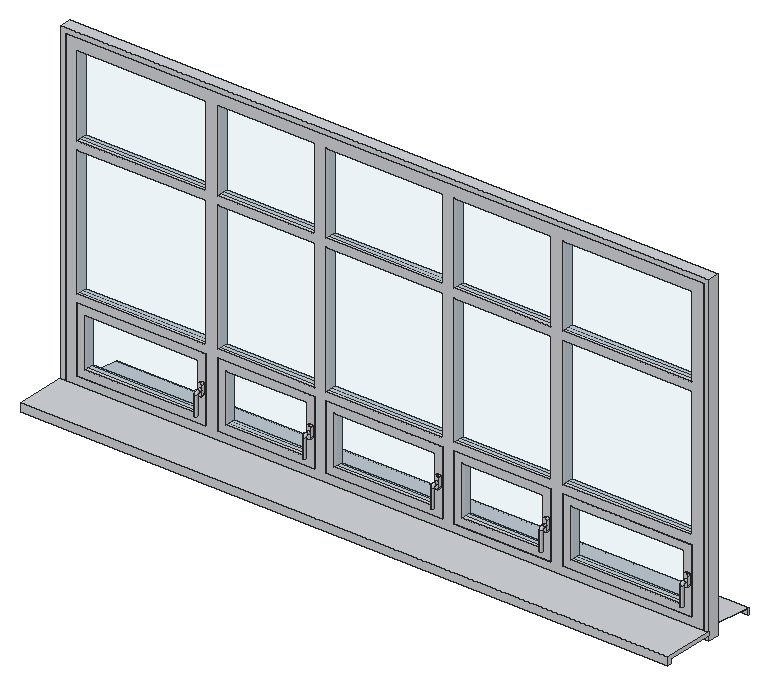
Revit family "AVLN_Окно_Две Фрамуга_5 створок", category Окна, Revit 2019
Family settings
  Основа = Стена
  Номер OmniClass = 23.30.20.00
  Заголовок OmniClass = Windows
  Всегда вертикально = Да
  При загрузке вырезать с полостями = Нет
  Общий = Нет
  Точка расчета площади = Нет
Parameters (values of type "Для копирования!")
  Ширина рамы = 70 mm
  Ширина импоста = 50 mm
  Четверть слева/справа = 50 mm
  Четверть низ = 0 mm  # constant formula
  Четверть верх = 50 mm
  Створка_снизу_высота = 400 mm
  Створка_центр_ширина = Width - ((Монтажный зазор * 2) + (Ширина рамы * 6) + Створка_слева_ширина + Створка_справа_ширина + Створка_лево центр_ширина + Створка_право центр_ширина)  # 720 mm
  Створка_сверху_высота = 500 mm
  Низ центр открывание = АВЛН_Створка открывная : Створка повороно-откидная левая
  Низ право центр открывание = АВЛН_Створка открывная : Створка повороно-откидная левая
  Низ право открывание = АВЛН_Створка открывная : Створка повороно-откидная левая
  Низ лево центр открывание = АВЛН_Створка открывная : Створка повороно-откидная левая
  Низ лево открывание = АВЛН_Створка открывная : Створка повороно-откидная левая
  Створка_толщина = 25 mm  # constant formula
  Толщина основы [instance] = 200 mm
  Створка_право центр_ширина = 600 mm
  Створка_справа_ширина = 800 mm
  Створка_слева_ширина = 800 mm
  Створка_профиль = 50 mm
  Створка_лево центр_ширина = 600 mm
  Створка_центр_высота = Height - (Створка_снизу_высота + Створка_сверху_высота + (Ширина рамы * 2) + Ширина импоста * 2 + (Монтажный зазор * 2))  # 800 mm
  Центр центр открывание = АВЛН_Створка открывная : Створка глухая
  Центр право открывание = АВЛН_Створка открывная : Створка глухая
  Центр лево центр открывание = АВЛН_Створка открывная : Створка глухая
  Центр лево открывание = АВЛН_Створка открывная : Створка глухая
  Центр право центр открывание = АВЛН_Створка открывная : Створка глухая
  Rough Width = Width - Монтажный зазор * 2  # 3940 mm
  Rough Height = Height - Монтажный зазор * 2  # 1940 mm
  Подстановочный профиль_Ширина = 20 mm  # constant formula
  Подстановочный профиль_Толщина = 60 mm
  Подоконник_Толщина = 20 mm
  Подоконник_Длина = Width  # 4000 mm
  Подоконник_Глубина = 280 mm
  Подоконник = yes
  Глубина вставки = 0 mm
  Отлив_Толщина = 1 mm  # constant formula
  Отлив_Длина = Width - [Четверть слева/справа] * 2  # 3900 mm
  Отлив_Глубина = 280 mm
  Отлив = yes
  Откос_Н.Ширина = Width - 2 * [Четверть слева/справа]  # 3900 mm
  Откос_Н.Толщина.8 = 32 mm
  Откос_Н.Толщина.7 = 28 mm
  Откос_Н.Толщина.6 = 24 mm
  Откос_Н.Толщина.5 = 20 mm
  Откос_Н.Толщина.4 = 16 mm
  Откос_Н.Толщина.3 = 12 mm
  Откос_Н.Толщина.2 = 8 mm
  Откос_Н.Толщина.1 = 4 mm
  Откос_Н.Отступ_П = 0 mm  # constant formula
  Откос_Н.Отступ_Л = 0 mm  # constant formula
  Откос_Н.Количество слоев = 0
  Откос_Н.Глубина = 150 mm
  Откос_Н.Высота = Height - Четверть верх - Четверть низ  # 1950 mm
  Откос_В.Толщина.8 = 32 mm
  Откос_В.Толщина.7 = 28 mm
  Откос_В.Толщина.6 = 24 mm
  Откос_В.Толщина.5 = 20 mm
  Откос_В.Толщина.4 = 16 mm
  Откос_В.Толщина.3 = 12 mm
  Откос_В.Толщина.2 = 8 mm
  Откос_В.Толщина.1 = 4 mm
  Откос_В.Отступ_П [instance] = Монтажный зазор + Подоконник_Толщина  # 50 mm
  Откос_В.Отступ_Л [instance] = Монтажный зазор + Подоконник_Толщина  # 50 mm
  Откос_В.Количество слоев = 0
  Откос_В.Глубина [instance] = Толщина основы - Глубина вставки - Ширина рамы  # 130 mm
  Монтажный зазор = 30 mm
  М.Подоконник = none
  М.Отлив = none
  М.Откос_Н.8 = none
  М.Откос_Н.7 = none
  М.Откос_Н.6 = none
  М.Откос_Н.5 = none
  М.Откос_Н.4 = none
  М.Откос_Н.3 = none
  М.Откос_Н.2 = none
  М.Откос_Н.1 = none
  М.Откос_В.8 = none
  М.Откос_В.7 = none
  М.Откос_В.6 = none
  М.Откос_В.5 = none
  М.Откос_В.4 = none
  М.Откос_В.3 = none
  М.Откос_В.2 = none
  М.Откос_В.1 = none
  М.Монтажного зазора = none
  М.Стекла = Стекло
  М.Рамы = none
  М.Подоконный профиль = none
  Type Comments = ""
  Height = 2000 mm
  Высота подоконника по умолчанию = 800 mm
  Замыкание стены = По основе
  Width = 4000 mm
  Верху право центр открывание = АВЛН_Створка открывная : Створка глухая
  Верх центр открывание = АВЛН_Створка открывная : Створка глухая
  Верх право открывание = АВЛН_Створка открывная : Створка глухая
  Верх лево центр открывание = АВЛН_Створка открывная : Створка глухая
  Верх лево открывание = АВЛН_Створка открывная : Створка глухая
  Аналитическая конструкция = "<Нет>"
  АВЛН_Проем_Ширина [instance] = Width  # 4000 mm
  АВЛН_Проем_Высота [instance] = Height  # 2000 mm
  ADSK_Этаж [instance] = ""
  ADSK_Размер_Ширина = Width  # 4000 mm
  ADSK_Размер_Высота = Height  # 2000 mm
  ADSK_Примечание [instance] = ""
  ADSK_Площадь = Height * Width  # 8.00 m²
  ADSK_Обозначение = ""
  ADSK_Номер секции [instance] = ""
  ADSK_Наименование = ""
  ADSK_Марка = ""
  ADSK_Группирование = ""
  -----------Разрезка----------- = "-----------"  # constant formula
  -----------Профили----------- = "-----------"  # constant formula
  -----------Подоконник----------- = "-----------"  # constant formula
  -----------Отлив----------- = "-----------"  # constant formula
  -----------Откос----------- = "-----------"  # constant formula
  -----------Основные габариты----------- = "-----------"  # constant formula
  -----------Вставка----------- = "-----------"  # constant formula
Reference planes
  plane 1 "По центру (Вперед/Назад)": y = 0
  plane 2 "По центру (Влево/Вправо)": x = 0
  plane 3 "Слева": x = -2000
  plane 4 "Справа": x = 2000
  plane 5 "Подоконник": z = 800
  plane 6 "Заголовок": z = 2800
  plane 7 "Наружный": y = 100
  plane 8 "Внутренние": y = -100
  plane 9 "Окно": y = 100
  plane 10: x = 1970
  plane 11: z = 2770
  plane 12: x = -1970
  plane 13: z = 830
  plane 14: x = 1950
  plane 15: x = -1950
  plane 16: z = 1800
  plane 17: y = 600
  plane 18: y = -400
  plane 19: z = 2750
  plane 20 "Чет. низ": z = 800
  plane 21 "Внутренняя грань": y = 30
  plane 22: y = 80
  plane 23 "Импост верх": z = 1350
  plane 24 "Импост низ": z = 1300
  plane 25: z = 900
  plane 26: z = 2700
  plane 27: x = -1900
  plane 28: x = 1900
  plane 29 "4": z = 1325
  plane 30 "5": x = -1100
  plane 31 "6": x = -1030
  plane 32 "7": x = 1030
  plane 33 "8": x = 1100
  plane 34 "9": x = -395
  plane 35 "10": x = 1500
  plane 36 "11": x = -1500
  plane 37 "12": z = 1750
  plane 38 "13": x = -730
  plane 39 "14": x = 730
  plane 40 "15": x = -430
  plane 41 "16": x = -360
  plane 42: z = 1100
  plane 43 "18": x = 395
  plane 44 "19": x = 360
  plane 45 "20": x = 430
  plane 46 "0": x = 0
  plane 47 "1": z = 2200
  plane 48 "2": z = 2150
  plane 49 "3": z = 2175
  plane 50 "17": z = 2450
Forms (mm)
  Extrusion 1, void
    sketch origin (0, 100, 0) x (1, 0, 0) y (0, 0, 1)
      loop
        line (1950, 2750) -> (-1950, 2750) -> (-1950, 800) -> (1950, 800) -> (1950, 2750)
    from -500 to 20
  Extrusion 2, void
    sketch origin (0, 100, 0) x (1, 0, 0) y (0, 0, 1)
      loop
        line (2000, 2800) -> (-2000, 2800) -> (-2000, 800) -> (2000, 800) -> (2000, 2800)
    from 0 to 500
  Extrusion 3, solid, material <- "М.Монтажного зазора", detail levels medium+fine
    sketch origin (0, 100, 0) x (1, 0, 0) y (0, 0, 1)
      loop
        line (2000, 2800) -> (-2000, 2800) -> (-2000, 800) -> (2000, 800) -> (2000, 2800)
      loop
        line (-1970, 2770) -> (-1970, 830) -> (1970, 830) -> (1970, 2770) -> (-1970, 2770)
    from 0 to 70
  Extrusion 4, solid, material <- "М.Рамы", detail levels medium+fine
    sketch origin (0, 100, 0) x (-1, 0, 0) y (0, 0, 1)
      loop
        line (-1970, 2770) -> (-1970, 830) -> (1970, 830) -> (1970, 2770) -> (-1970, 2770)
      loop
        line (1030, 900) -> (1030, 1300) -> (430, 1300) -> (430, 900) -> (1030, 900)
      loop
        line (-1030, 900) -> (-430, 900) -> (-430, 1300) -> (-1030, 1300) -> (-1030, 900)
      loop
        line (-1100, 2700) -> (-1900, 2700) -> (-1900, 2200) -> (-1100, 2200) -> (-1100, 2700)
      loop
        line (-1100, 900) -> (-1100, 1300) -> (-1900, 1300) -> (-1900, 900) -> (-1100, 900)
      loop
        line (1030, 1350) -> (1030, 2150) -> (430, 2150) -> (430, 1350) -> (1030, 1350)
      loop
        line (-1100, 1350) -> (-1100, 2150) -> (-1900, 2150) -> (-1900, 1350) -> (-1100, 1350)
      loop
        line (-1030, 1350) -> (-430, 1350) -> (-430, 2150) -> (-1030, 2150) -> (-1030, 1350)
      loop
        line (1030, 2700) -> (430, 2700) -> (430, 2200) -> (1030, 2200) -> (1030, 2700)
      loop
        line (360, 1350) -> (360, 2150) -> (-360, 2150) -> (-360, 1350) -> (360, 1350)
      loop
        line (360, 1300) -> (-360, 1300) -> (-360, 900) -> (360, 900) -> (360, 1300)
      loop
        line (360, 2700) -> (-360, 2700) -> (-360, 2200) -> (360, 2200) -> (360, 2700)
      loop
        line (1100, 2700) -> (1100, 2200) -> (1900, 2200) -> (1900, 2700) -> (1100, 2700)
      loop
        line (1100, 1350) -> (1900, 1350) -> (1900, 2150) -> (1100, 2150) -> (1100, 1350)
      loop
        line (1100, 1300) -> (1100, 900) -> (1900, 900) -> (1900, 1300) -> (1100, 1300)
      loop
        line (-430, 2700) -> (-1030, 2700) -> (-1030, 2200) -> (-430, 2200) -> (-430, 2700)
    from -70 to 0
Lines and regions (mm)
  reference lines
    curve 1: line (-2000, -100, 1325) -> (2000, -100, 1325)
    curve 2: line (-1065, -100, 2800) -> (-1065, -100, 800)
    curve 3: line (1065, -100, 2800) -> (1065, -100, 800)
    curve 4: line (-395, -100, 2800) -> (-395, -100, 800)
    curve 5: line (-2000, -100, 2175) -> (2000, -100, 2175)
Text (mm)
  text "EXTERIOR" at (-1963.203, 1332.353, 0), in view "Опорный уровень"
  text "INTERIOR" at (-1981.466, -818.386, 0), in view "Опорный уровень"
  text "Наружный" at (0, 923.751, 2943.296), in view "Справа"
  text "Наружный" at (0, 1240.237, 2685.409), in view "Слева"
Dimensions and locks
  equal spacing: plane 3 "Слева", plane 2 "По центру (Влево/Вправо)", plane 4 "Справа"
  "Width": plane 3 "Слева" to plane 4 "Справа"
  "Height": plane 5 "Подоконник" to plane 6 "Заголовок"
  "Высота подоконника по умолчанию": plane 5 "Подоконник" to level
  locked: plane 7 "Наружный" to host wall at 0
  locked: plane 8 "Внутренние" to host wall
  "Глубина вставки": plane 9 "Окно" to plane 7 "Наружный"
  "Монтажный зазор": plane 10 to plane 4 "Справа"
  "Монтажный зазор": plane 3 "Слева" to plane 12
  "Монтажный зазор": plane 11 to plane 6 "Заголовок"
  "Монтажный зазор": plane 5 "Подоконник" to plane 13
  "Четверть слева/справа": plane 14 to plane 4 "Справа"
  "Четверть слева/справа": plane 3 "Слева" to plane 15
  equal spacing: plane 5 "Подоконник", plane 16, plane 6 "Заголовок"
  locked: plane 7 "Наружный" to plane 17 at 500
  locked: plane 18 to plane 8 "Внутренние" at 300
  "Четверть верх": plane 19 to plane 6 "Заголовок"
  "Четверть низ": plane 5 "Подоконник" to plane 20 "Чет. низ"
  "Ширина рамы": plane 9 "Окно" to plane 21 "Внутренняя грань"
  "Толщина основы": host wall to host wall
  locked: plane 22 to plane 21 "Внутренняя грань" at 50
  "Ширина импоста": plane 24 "Импост низ" to plane 23 "Импост верх"
  "Ширина рамы": plane 28 to plane 10
  "Ширина рамы": plane 12 to plane 27
  "Ширина рамы": plane 13 to plane 25
  "Ширина рамы": plane 26 to plane 11
  plane 23 "Импост верх" to plane 26 = 1350 mm
  "Створка_снизу_высота": plane 25 to plane 24 "Импост низ"
  equal spacing: plane 23 "Импост верх", plane 29 "4", plane 24 "Импост низ"
  "Створка_слева_ширина": plane 27 to plane 30 "5"
  "Ширина рамы": plane 30 "5" to plane 31 "6"
  "Ширина рамы": plane 32 "7" to plane 33 "8"
  "Створка_справа_ширина": plane 33 "8" to plane 28
  equal spacing: plane 32 "7", curve 3, plane 33 "8"
  equal spacing: plane 30 "5", curve 2, plane 31 "6"
  equal spacing: plane 33 "8", plane 35 "10", plane 28
  equal spacing: plane 27, plane 36 "11", plane 30 "5"
  equal spacing: plane 48 "2", plane 37 "12", plane 23 "Импост верх"
  equal spacing: plane 40 "15", plane 34 "9", plane 41 "16"
  "Ширина рамы": plane 40 "15" to plane 41 "16"
  equal spacing: plane 31 "6", plane 38 "13", plane 40 "15"
  equal spacing: plane 45 "20", plane 39 "14", plane 32 "7"
  equal spacing: plane 24 "Импост низ", plane 42, plane 25
  equal spacing: plane 44 "19", plane 43 "18", plane 45 "20"
  "Ширина рамы": plane 44 "19" to plane 45 "20"
  equal spacing: plane 41 "16", plane 46 "0", plane 44 "19"
  "Створка_лево центр_ширина": plane 31 "6" to plane 40 "15"
  "Створка_право центр_ширина": plane 45 "20" to plane 32 "7"
  "Ширина импоста": plane 48 "2" to plane 47 "1"
  equal spacing: plane 47 "1", plane 49 "3", plane 48 "2"
  equal spacing: plane 26, plane 50 "17", plane 47 "1"
  "Створка_сверху_высота": plane 26 to plane 47 "1"
  aligned and locked: Extrusion 1 sketch curve to plane 14
  aligned and locked: Extrusion 1 sketch curve to plane 15
  aligned and locked: Extrusion 1 to plane 17
  aligned and locked: Extrusion 2 sketch curve to plane 6 "Заголовок"
  aligned and locked: Extrusion 2 sketch curve to plane 4 "Справа"
  aligned and locked: plane 5 "Подоконник" to Extrusion 2 sketch curve
  aligned and locked: plane 3 "Слева" to Extrusion 2 sketch curve
  aligned and locked: Extrusion 2 to plane 9 "Окно"
  aligned and locked: Extrusion 2 to plane 18
  aligned and locked: Extrusion 1 sketch curve to plane 19
  aligned and locked: Extrusion 1 sketch curve to plane 20 "Чет. низ"
  aligned and locked: plane 9 "Окно" to nested 1
  aligned and locked: plane 2 "По центру (Влево/Вправо)" to nested 1
  aligned and locked: nested 2 to plane 21 "Внутренняя грань"
  aligned and locked: nested 2 to plane 2 "По центру (Влево/Вправо)"
  aligned and locked: nested 3 to plane 2 "По центру (Влево/Вправо)"
  aligned and locked: plane 8 "Внутренние" to nested 3
  aligned and locked: nested 4 to plane 9 "Окно"
  aligned and locked: Extrusion 3 sketch curve to plane 6 "Заголовок"
  aligned and locked: Extrusion 3 sketch curve to plane 4 "Справа"
  aligned and locked: Extrusion 3 sketch curve to nested 2  (x2)
  aligned and locked: Extrusion 3 sketch curve to plane 11
  aligned and locked: Extrusion 3 sketch curve to plane 12
  aligned and locked: Extrusion 3 sketch curve to plane 13
  aligned and locked: Extrusion 3 sketch curve to plane 10
  aligned and locked: Extrusion 3 to nested 2
  aligned and locked: nested 4 to plane 20 "Чет. низ"
  aligned and locked: nested 4 to plane 2 "По центру (Влево/Вправо)"
  aligned and locked: Extrusion 3 to plane 9 "Окно"
  aligned and locked: Extrusion 4 to plane 21 "Внутренняя грань"
  aligned and locked: Extrusion 4 to plane 9 "Окно"
  aligned and locked: Extrusion 1 to plane 22
  aligned and locked: curve 1 to plane 29 "4"
  aligned and locked: plane 3 "Слева" to curve 1
  aligned and locked: plane 4 "Справа" to curve 1
  aligned and locked: plane 6 "Заголовок" to curve 2
  aligned and locked: plane 6 "Заголовок" to curve 3
  aligned and locked: plane 5 "Подоконник" to curve 3
  aligned and locked: plane 5 "Подоконник" to curve 2
  aligned and locked: plane 34 "9" to curve 4
  aligned and locked: plane 35 "10" to nested 6
  aligned and locked: nested 6 to plane 37 "12"
  aligned and locked: plane 39 "14" to nested 8
  aligned and locked: nested 8 to plane 37 "12"
  aligned and locked: plane 37 "12" to nested 7
  aligned and locked: plane 37 "12" to nested 5
  aligned and locked: plane 36 "11" to nested 5
  aligned and locked: plane 38 "13" to nested 7
  aligned and locked: plane 42 to nested 9
  aligned and locked: plane 36 "11" to nested 9
  aligned and locked: plane 42 to nested 10
  aligned and locked: plane 38 "13" to nested 10
  aligned and locked: plane 42 to nested 11
  aligned and locked: plane 39 "14" to nested 11
  aligned and locked: nested 12 to plane 42
  aligned and locked: plane 35 "10" to nested 12
  aligned and locked: Extrusion 4 sketch curve to plane 10
  aligned and locked: Extrusion 4 sketch curve to plane 13
  aligned and locked: Extrusion 4 sketch curve to plane 12
  aligned and locked: Extrusion 4 sketch curve to plane 11
  aligned and locked: Extrusion 4 sketch curve to plane 25  (x2)
  aligned and locked: plane 25 to Extrusion 4 sketch curve  (x2)
  aligned and locked: plane 24 "Импост низ" to Extrusion 4 sketch curve  (x3)
  aligned and locked: plane 23 "Импост верх" to Extrusion 4 sketch curve  (x3)
  aligned and locked: plane 26 to Extrusion 4 sketch curve  (x3)
  aligned and locked: Extrusion 4 sketch curve to plane 26
  aligned and locked: Extrusion 4 sketch curve to plane 28  (x2)
  aligned and locked: plane 33 "8" to Extrusion 4 sketch curve  (x2)
  aligned and locked: plane 32 "7" to Extrusion 4 sketch curve  (x2)
  aligned and locked: Extrusion 4 sketch curve to plane 41 "16"
  aligned and locked: plane 41 "16" to Extrusion 4 sketch curve
  aligned and locked: Extrusion 4 sketch curve to plane 40 "15"  (x2)
  aligned and locked: plane 31 "6" to Extrusion 4 sketch curve  (x2)
  aligned and locked: plane 30 "5" to Extrusion 4 sketch curve  (x2)
  aligned and locked: Extrusion 4 sketch curve to plane 23 "Импост верх"
  aligned and locked: Extrusion 4 sketch curve to plane 24 "Импост низ"
  aligned and locked: Extrusion 4 sketch curve to plane 27  (x2)
  aligned and locked: plane 37 "12" to nested 13
  aligned and locked: plane 42 to nested 14
  aligned and locked: plane 46 "0" to nested 13
  aligned and locked: plane 46 "0" to nested 14
  aligned and locked: plane 45 "20" to Extrusion 4 sketch curve  (x2)
  aligned and locked: plane 44 "19" to Extrusion 4 sketch curve  (x2)
  aligned and locked: curve 5 to plane 49 "3"
  aligned and locked: Extrusion 4 sketch curve to plane 47 "1"  (x4)
  aligned and locked: Extrusion 4 sketch curve to plane 48 "2"  (x4)
  aligned and locked: plane 47 "1" to Extrusion 4 sketch curve
  aligned and locked: plane 48 "2" to Extrusion 4 sketch curve
  aligned and locked: plane 36 "11" to nested 15
  aligned and locked: plane 38 "13" to nested 17
  aligned and locked: plane 46 "0" to nested 19
  aligned and locked: plane 39 "14" to nested 18
  aligned and locked: plane 35 "10" to nested 16
  aligned and locked: nested 16 to plane 50 "17"
  aligned and locked: plane 50 "17" to nested 15
  aligned and locked: plane 50 "17" to nested 17
  aligned and locked: plane 50 "17" to nested 19
  aligned and locked: nested 18 to plane 50 "17"
Automatic sketch dimensions
  plane 3 "Слева" to curve 5 = 0 mm
  plane 4 "Справа" to curve 5 = 0 mm
  curve 4 to plane 5 "Подоконник" = 0 mm
  curve 4 to plane 6 "Заголовок" = 0 mm
  Extrusion 4 sketch curve to plane 25 = 0 mm
  Extrusion 4 sketch curve to plane 24 "Импост низ" = 0 mm
  Extrusion 4 sketch curve to plane 23 "Импост верх" = 0 mm
  Extrusion 4 sketch curve to plane 26 = 0 mm
  plane 28 to Extrusion 4 sketch curve = 0 mm
  Extrusion 4 sketch curve to plane 32 "7" = 0 mm
  plane 44 "19" to Extrusion 4 sketch curve = 0 mm
  Extrusion 4 sketch curve to plane 41 "16" = 0 mm
  plane 30 "5" to Extrusion 4 sketch curve = 0 mm
  Extrusion 4 sketch curve to plane 27 = 0 mm
  plane 45 "20" to Extrusion 4 sketch curve = 0 mm
  plane 33 "8" to Extrusion 4 sketch curve = 0 mm
  plane 40 "15" to Extrusion 4 sketch curve = 0 mm
  plane 31 "6" to Extrusion 4 sketch curve = 0 mm
Nested families
  nested 1: "Отлив" at (0, 100, 800) x (-1, 0, 0) z (0, 0, 1), Глубина отлива <- "Отлив_Глубина", Длина отлива <- "Отлив_Длина", ТО <- "Отлив_Толщина", Ш_МЗЗ <- "Монтажный зазор", Ш_ПП <- "Подстановочный профиль_Ширина", ADSK_Группирование <- "ADSK_Группирование", ADSK_Номер секции <- "ADSK_Номер секции", ADSK_Этаж <- "ADSK_Этаж", visible <- "Отлив", М <- "М.Отлив", type "Отлив", detail levels fine
    with Ш_ПП 20 mm, Ш_МЗЗ 30 mm, ТО 1 mm, М none, Длина отлива 3900 mm, Глубина отлива 280 mm, ADSK_Этаж "", ADSK_Примечание "", ADSK_Обозначение "", ADSK_Номер секции "", ADSK_Наименование "", ADSK_Марка "", ADSK_Группирование ""
  nested 2: "Подоконник" at (0, 30, 800), Глубина подоконника <- "Подоконник_Глубина", Длина отлива <- "Подоконник_Длина", ТП <- "Подоконник_Толщина", Ш_МЗЗ <- "Монтажный зазор", Ш_ПП <- "Подстановочный профиль_Ширина", ADSK_Группирование <- "ADSK_Группирование", ADSK_Номер секции <- "ADSK_Номер секции", ADSK_Этаж <- "ADSK_Этаж", visible <- "Подоконник", М <- "М.Подоконник", type "Подоконник", detail levels fine
    with Ш_ПП 20 mm, Ш_МЗЗ 30 mm, ТП 20 mm, М none, Длина отлива 4000 mm, Глубина подоконника 280 mm, ADSK_Этаж "", ADSK_Примечание "", ADSK_Обозначение "", ADSK_Номер секции "", ADSK_Наименование "", ADSK_Марка "", ADSK_Группирование ""
  nested 3: "AVLN_Откосы_R19" at (0, -100, 0), Глубина <- "Откос_В.Глубина", Высота от уровня <- "Высота подоконника по умолчанию", ADSK_Группирование <- "Type Comments", ADSK_Этаж <- "ADSK_Этаж", ADSK_Номер секции <- "ADSK_Номер секции", Материал_1 <- "М.Откос_В.1", Материал_2 <- "М.Откос_В.2", Материал_3 <- "М.Откос_В.3", Материал_4 <- "М.Откос_В.4", Материал_5 <- "М.Откос_В.5", Материал_6 <- "М.Откос_В.6", Материал_7 <- "М.Откос_В.7", Материал_8 <- "М.Откос_В.8", Толщина_1 <- "Откос_В.Толщина.1", Толщина_2 <- "Откос_В.Толщина.2", Толщина_3 <- "Откос_В.Толщина.3", Толщина_4 <- "Откос_В.Толщина.4", Толщина_5 <- "Откос_В.Толщина.5", Толщина_6 <- "Откос_В.Толщина.6", Толщина_7 <- "Откос_В.Толщина.7", Толщина_8 <- "Откос_В.Толщина.8", Количество слоев <- "Откос_В.Количество слоев", Отступ_Л <- "Откос_В.Отступ_Л", Отступ_П <- "Откос_В.Отступ_П", Высота <- "Height", Ширина <- "Width", type "AVLN_Откосы_R19"
    with Ширина_8 3776 mm, Ширина_7 3832 mm, Ширина_6 3880 mm, Ширина_5 3920 mm, Ширина_4 3952 mm, Ширина_3 3976 mm, Ширина_2 3992 mm, Ширина 4000 mm, Толщина_8 32 mm, Толщина_7 28 mm, Толщина_6 24 mm, Толщина_5 20 mm, Толщина_4 16 mm, Толщина_3 12 mm, Толщина_2 8 mm, Толщина_1 4 mm, Отступ_П 50 mm, Отступ_Л 50 mm, Материал_8 none, Материал_7 none, Материал_6 none, Материал_5 none, Материал_4 none, Материал_3 none, Материал_2 none, Материал_1 none, Количество слоев 0, Глубина 130 mm, Высота_8 1888 mm, Высота_7 1916 mm, Высота_6 1940 mm, Высота_5 1960 mm, Высота_4 1976 mm, Высота_3 1988 mm, Высота_2 1996 mm, Высота от уровня 800 mm, Высота 2000 mm, Видимость_8 no, Видимость_7 no, Видимость_6 no, Видимость_5 no, Видимость_4 no, Видимость_3 no, Видимость_2 no, Видимость_1 no, ADSK_Этаж "", ADSK_Номер секции "", ADSK_Группирование ""
  nested 4: "AVLN_Откосы_R19" at (0, 100, 0), Ширина <- "Откос_Н.Ширина", Глубина <- "Откос_Н.Глубина", Высота <- "Откос_Н.Высота", Высота от уровня <- "Высота подоконника по умолчанию", ADSK_Группирование <- "Type Comments", ADSK_Этаж <- "ADSK_Этаж", ADSK_Номер секции <- "ADSK_Номер секции", Материал_1 <- "М.Откос_Н.1", Материал_2 <- "М.Откос_Н.2", Материал_3 <- "М.Откос_Н.3", Материал_4 <- "М.Откос_Н.4", Материал_5 <- "М.Откос_Н.5", Материал_6 <- "М.Откос_Н.6", Материал_7 <- "М.Откос_Н.7", Материал_8 <- "М.Откос_Н.8", Толщина_1 <- "Откос_Н.Толщина.1", Толщина_2 <- "Откос_Н.Толщина.2", Толщина_3 <- "Откос_Н.Толщина.3", Толщина_4 <- "Откос_Н.Толщина.4", Толщина_5 <- "Откос_Н.Толщина.5", Толщина_6 <- "Откос_Н.Толщина.6", Толщина_7 <- "Откос_Н.Толщина.7", Толщина_8 <- "Откос_Н.Толщина.8", Количество слоев <- "Откос_Н.Количество слоев", Отступ_Л <- "Откос_Н.Отступ_Л", Отступ_П <- "Откос_Н.Отступ_П", type "AVLN_Откосы_R19"
    with Ширина_8 3676 mm, Ширина_7 3732 mm, Ширина_6 3780 mm, Ширина_5 3820 mm, Ширина_4 3852 mm, Ширина_3 3876 mm, Ширина_2 3892 mm, Ширина 3900 mm, Толщина_8 32 mm, Толщина_7 28 mm, Толщина_6 24 mm, Толщина_5 20 mm, Толщина_4 16 mm, Толщина_3 12 mm, Толщина_2 8 mm, Толщина_1 4 mm, Отступ_П 0 mm, Отступ_Л 0 mm, Материал_8 none, Материал_7 none, Материал_6 none, Материал_5 none, Материал_4 none, Материал_3 none, Материал_2 none, Материал_1 none, Количество слоев 0, Глубина 150 mm, Высота_8 1838 mm, Высота_7 1866 mm, Высота_6 1890 mm, Высота_5 1910 mm, Высота_4 1926 mm, Высота_3 1938 mm, Высота_2 1946 mm, Высота от уровня 800 mm, Высота 1950 mm, Видимость_8 no, Видимость_7 no, Видимость_6 no, Видимость_5 no, Видимость_4 no, Видимость_3 no, Видимость_2 no, Видимость_1 no, ADSK_Этаж "", ADSK_Номер секции "", ADSK_Группирование ""
  nested 5: "АВЛН_Створка открывная" at (-1500, 30, 1750) x (1, 0, 0) z (0, 1, 0), type <- "Центр лево открывание", Створка высота <- "Створка_центр_высота", Створка ширина <- "Створка_слева_ширина", Ширина рамы <- "Створка_профиль", Материал_Стеклопакет <- "М.Стекла", Материал_Рама <- "М.Рамы", Материал_Ручки <- "М.Рамы", type "Створка глухая", detail levels medium+fine
    with Ширина рамы 50 mm, Створка ширина 800 mm, Створка высота 800 mm, Материал_Стеклопакет Стекло, Материал_Ручки none, Материал_Рама none, Width 800 mm, Height 800 mm
  nested 6: "АВЛН_Створка открывная" at (1500, 30, 1750) x (1, 0, 0) z (0, 1, 0), type <- "Центр право открывание", Створка высота <- "Створка_центр_высота", Створка ширина <- "Створка_справа_ширина", Ширина рамы <- "Створка_профиль", Материал_Стеклопакет <- "М.Стекла", Материал_Рама <- "М.Рамы", Материал_Ручки <- "М.Рамы", type "Створка глухая", detail levels medium+fine
    with Ширина рамы 50 mm, Створка ширина 800 mm, Створка высота 800 mm, Материал_Стеклопакет Стекло, Материал_Ручки none, Материал_Рама none, Width 800 mm, Height 800 mm
  nested 7: "АВЛН_Створка открывная" at (-730, 30, 1750) x (1, 0, 0) z (0, 1, 0), Створка высота <- "Створка_центр_высота", Створка ширина <- "Створка_лево центр_ширина", Ширина рамы <- "Створка_профиль", type <- "Центр лево центр открывание", Материал_Стеклопакет <- "М.Стекла", Материал_Рама <- "М.Рамы", Материал_Ручки <- "М.Рамы", type "Створка глухая", detail levels medium+fine
    with Ширина рамы 50 mm, Створка ширина 600 mm, Створка высота 800 mm, Материал_Стеклопакет Стекло, Материал_Ручки none, Материал_Рама none, Width 800 mm, Height 800 mm
  nested 8: "АВЛН_Створка открывная" at (730, 30, 1750) x (1, 0, 0) z (0, 1, 0), Створка высота <- "Створка_центр_высота", Створка ширина <- "Створка_право центр_ширина", Ширина рамы <- "Створка_профиль", type <- "Центр право центр открывание", Материал_Стеклопакет <- "М.Стекла", Материал_Рама <- "М.Рамы", Материал_Ручки <- "М.Рамы", type "Створка глухая", detail levels medium+fine
    with Ширина рамы 50 mm, Створка ширина 600 mm, Створка высота 800 mm, Материал_Стеклопакет Стекло, Материал_Ручки none, Материал_Рама none, Width 800 mm, Height 800 mm
  nested 9: "АВЛН_Створка открывная" at (-1500, 30, 1100) x (1, 0, 0) z (0, 1, 0), Створка высота <- "Створка_снизу_высота", Створка ширина <- "Створка_слева_ширина", Ширина рамы <- "Створка_профиль", type <- "Низ лево открывание", Материал_Стеклопакет <- "М.Стекла", Материал_Рама <- "М.Рамы", Материал_Ручки <- "М.Рамы", type "Створка повороно-откидная левая", detail levels medium+fine
    with Ширина рамы 50 mm, Створка ширина 800 mm, Створка высота 400 mm, Материал_Стеклопакет Стекло, Материал_Ручки none, Материал_Рама none, Width 800 mm, Height 800 mm
  nested 10: "АВЛН_Створка открывная" at (-730, 30, 1100) x (1, 0, 0) z (0, 1, 0), Створка высота <- "Створка_снизу_высота", Створка ширина <- "Створка_лево центр_ширина", Ширина рамы <- "Створка_профиль", type <- "Низ лево центр открывание", Материал_Стеклопакет <- "М.Стекла", Материал_Рама <- "М.Рамы", Материал_Ручки <- "М.Рамы", type "Створка повороно-откидная левая", detail levels medium+fine
    with Ширина рамы 50 mm, Створка ширина 600 mm, Створка высота 400 mm, Материал_Стеклопакет Стекло, Материал_Ручки none, Материал_Рама none
  nested 11: "АВЛН_Створка открывная" at (730, 30, 1100) x (1, 0, 0) z (0, 1, 0), Створка высота <- "Створка_снизу_высота", Створка ширина <- "Створка_право центр_ширина", Ширина рамы <- "Створка_профиль", type <- "Низ право центр открывание", Материал_Стеклопакет <- "М.Стекла", Материал_Рама <- "М.Рамы", Материал_Ручки <- "М.Рамы", type "Створка повороно-откидная левая", detail levels medium+fine
    with Ширина рамы 50 mm, Створка ширина 600 mm, Створка высота 400 mm, Материал_Стеклопакет Стекло, Материал_Ручки none, Материал_Рама none
  nested 12: "АВЛН_Створка открывная" at (1500, 30, 1100) x (1, 0, 0) z (0, 1, 0), type <- "Низ право открывание", Створка высота <- "Створка_снизу_высота", Створка ширина <- "Створка_справа_ширина", Ширина рамы <- "Створка_профиль", Материал_Стеклопакет <- "М.Стекла", Материал_Рама <- "М.Рамы", Материал_Ручки <- "М.Рамы", type "Створка повороно-откидная левая", detail levels medium+fine
    with Ширина рамы 50 mm, Створка ширина 800 mm, Створка высота 400 mm, Материал_Стеклопакет Стекло, Материал_Ручки none, Материал_Рама none, Width 800 mm, Height 800 mm
  nested 13: "АВЛН_Створка открывная" at (0, 30, 1750) x (1, 0, 0) z (0, 1, 0), Створка высота <- "Створка_центр_высота", Створка ширина <- "Створка_центр_ширина", Ширина рамы <- "Створка_профиль", type <- "Центр центр открывание", Материал_Стеклопакет <- "М.Стекла", Материал_Рама <- "М.Рамы", Материал_Ручки <- "М.Рамы", type "Створка глухая", detail levels medium+fine
    with Ширина рамы 50 mm, Створка ширина 720 mm, Створка высота 800 mm, Материал_Стеклопакет Стекло, Материал_Ручки none, Материал_Рама none, Width 800 mm, Height 800 mm
  nested 14: "АВЛН_Створка открывная" at (0, 30, 1100) x (1, 0, 0) z (0, 1, 0), Створка высота <- "Створка_снизу_высота", Створка ширина <- "Створка_центр_ширина", Ширина рамы <- "Створка_профиль", type <- "Низ центр открывание", Материал_Стеклопакет <- "М.Стекла", Материал_Рама <- "М.Рамы", Материал_Ручки <- "М.Рамы", type "Створка повороно-откидная левая", detail levels medium+fine
    with Ширина рамы 50 mm, Створка ширина 720 mm, Створка высота 400 mm, Материал_Стеклопакет Стекло, Материал_Ручки none, Материал_Рама none, Width 800 mm, Height 800 mm
  nested 15: "АВЛН_Створка открывная" at (-1500, 30, 2450) x (1, 0, 0) z (0, 1, 0), type <- "Верх лево открывание", Створка высота <- "Створка_сверху_высота", Створка ширина <- "Створка_слева_ширина", Ширина рамы <- "Створка_профиль", Материал_Стеклопакет <- "М.Стекла", Материал_Рама <- "М.Рамы", Материал_Ручки <- "М.Рамы", type "Створка глухая", detail levels medium+fine
    with Ширина рамы 50 mm, Створка ширина 800 mm, Створка высота 500 mm, Материал_Стеклопакет Стекло, Материал_Ручки none, Материал_Рама none, Width 800 mm, Height 800 mm
  nested 16: "АВЛН_Створка открывная" at (1500, 30, 2450) x (1, 0, 0) z (0, 1, 0), type <- "Верх право открывание", Створка высота <- "Створка_сверху_высота", Створка ширина <- "Створка_справа_ширина", Ширина рамы <- "Створка_профиль", Материал_Стеклопакет <- "М.Стекла", Материал_Рама <- "М.Рамы", Материал_Ручки <- "М.Рамы", type "Створка глухая", detail levels medium+fine
    with Ширина рамы 50 mm, Створка ширина 800 mm, Створка высота 500 mm, Материал_Стеклопакет Стекло, Материал_Ручки none, Материал_Рама none, Width 800 mm, Height 800 mm
  nested 17: "АВЛН_Створка открывная" at (-730, 30, 2450) x (1, 0, 0) z (0, 1, 0), Створка высота <- "Створка_сверху_высота", Створка ширина <- "Створка_лево центр_ширина", Ширина рамы <- "Створка_профиль", type <- "Верх лево центр открывание", Материал_Стеклопакет <- "М.Стекла", Материал_Рама <- "М.Рамы", Материал_Ручки <- "М.Рамы", type "Створка глухая", detail levels medium+fine
    with Ширина рамы 50 mm, Створка ширина 600 mm, Створка высота 500 mm, Материал_Стеклопакет Стекло, Материал_Ручки none, Материал_Рама none
  nested 18: "АВЛН_Створка открывная" at (730, 30, 2450) x (1, 0, 0) z (0, 1, 0), Створка высота <- "Створка_сверху_высота", Створка ширина <- "Створка_право центр_ширина", Ширина рамы <- "Створка_профиль", type <- "Верху право центр открывание", Материал_Стеклопакет <- "М.Стекла", Материал_Рама <- "М.Рамы", Материал_Ручки <- "М.Рамы", type "Створка глухая", detail levels medium+fine
    with Ширина рамы 50 mm, Створка ширина 600 mm, Створка высота 500 mm, Материал_Стеклопакет Стекло, Материал_Ручки none, Материал_Рама none
  nested 19: "АВЛН_Створка открывная" at (0, 30, 2450) x (1, 0, 0) z (0, 1, 0), Створка высота <- "Створка_сверху_высота", Створка ширина <- "Створка_центр_ширина", Ширина рамы <- "Створка_профиль", type <- "Верх центр открывание", Материал_Стеклопакет <- "М.Стекла", Материал_Рама <- "М.Рамы", Материал_Ручки <- "М.Рамы", type "Створка глухая", detail levels medium+fine
    with Ширина рамы 50 mm, Створка ширина 720 mm, Створка высота 500 mm, Материал_Стеклопакет Стекло, Материал_Ручки none, Материал_Рама none, Width 800 mm, Height 800 mm
Definition of nested family "Отлив"
  Parameters (values of type "Отлив")
    Ш_ПП [instance] = 50 mm
    Ш_МЗЗ [instance] = 35 mm
    ТО [instance] = 1 mm
    Default Elevation = 1219.2 mm
    М [instance] = none
    Длина отлива [instance] = 1560 mm
    Глубина отлива [instance] = 280 mm
    ADSK_Этаж [instance] = ""
    ADSK_Примечание [instance] = ""
    ADSK_Обозначение [instance] = ""
    ADSK_Номер секции [instance] = ""
    ADSK_Наименование [instance] = ""
    ADSK_Марка [instance] = ""
    ADSK_Группирование [instance] = ""
  Reference planes
    plane 1 "По центру (Вперед/Назад)": y = 0
    plane 2: z = 0
    plane 3 "По центру (Влево/Вправо)": x = 0
    plane 4: y = -280
    plane 5: x = -780
    plane 6: x = 780
    plane 7: z = 35
    plane 8: z = 85
    plane 9: y = -1
    plane 10: y = -300
    plane 11: y = -301
    plane 12: z = -35
    plane 13: z = 34
  Forms (mm)
    Extrusion 1, solid, material <- "М"
      sketch origin (0, 0, 0) x (0, 1, 0) y (0, 0, 1)
        loop
          line (0, 85) -> (-1, 85) -> (-1, 34.893) -> (-301, 0.893) -> (-301, -35) -> (-300, -35) -> (-300, 0) -> (0, 34) -> (0, 85)
      from -780 to 780
  Dimensions and locks
    equal spacing: plane 5, plane 3 "По центру (Влево/Вправо)", plane 6
    "Длина отлива": plane 5 to plane 6
    "Глубина отлива": plane 4 to plane 1 "По центру (Вперед/Назад)"
    "Ш_МЗЗ": plane 7 to level
    "Ш_ПП": plane 8 to plane 7
    "ТО": plane 1 "По центру (Вперед/Назад)" to plane 9
    "ТО": plane 10 to plane 11
    locked: level to plane 12 at 35
    "ТО": plane 7 to plane 13
    "ТО": Extrusion 1 sketch curve to Extrusion 1 sketch curve
    locked: plane 4 to plane 10 at 20
    aligned and locked: level to plane 2
    aligned and locked: plane 8 to Extrusion 1 sketch curve
    aligned and locked: plane 9 to Extrusion 1 sketch curve
    aligned and locked: plane 11 to Extrusion 1 sketch curve
    aligned and locked: plane 12 to Extrusion 1 sketch curve
    aligned and locked: plane 1 "По центру (Вперед/Назад)" to Extrusion 1 sketch curve  (x2)
    aligned and locked: plane 13 to Extrusion 1 sketch curve
    aligned and locked: level to Extrusion 1 sketch curve
    aligned and locked: plane 10 to Extrusion 1 sketch curve
    aligned and locked: plane 6 to Extrusion 1
    aligned and locked: Extrusion 1 to plane 5
Definition of nested family "Подоконник"
  Parameters (values of type "Подоконник")
    Ш_ПП [instance] = 50 mm
    Ш_МЗЗ [instance] = 35 mm
    ТП [instance] = 20 mm
    Default Elevation = 1219.2 mm
    М [instance] = none
    Длина отлива [instance] = 1560 mm
    Глубина подоконника [instance] = 280 mm
    ADSK_Этаж [instance] = ""
    ADSK_Примечание [instance] = ""
    ADSK_Обозначение [instance] = ""
    ADSK_Номер секции [instance] = ""
    ADSK_Наименование [instance] = ""
    ADSK_Марка [instance] = ""
    ADSK_Группирование [instance] = ""
  Reference planes
    plane 1 "По центру (Вперед/Назад)": y = 0
    plane 2: z = 0
    plane 3 "По центру (Влево/Вправо)": x = 0
    plane 4: y = -280
    plane 5: x = -780
    plane 6: x = 780
    plane 7: z = 35
    plane 8: z = 85
    plane 9: y = -20
    plane 10: y = -290
    plane 11: y = -310
    plane 12: z = -35
    plane 13: z = 15
    plane 14: z = 65
  Forms (mm)
    Extrusion 1, solid, material <- "М"
      sketch origin (0, 0, 0) x (0, 1, 0) y (0, 0, 1)
        loop
          line (0, 85) -> (-310, 85) -> (-310, 0) -> (-290, 0) -> (-290, 65) -> (0, 65) -> (0, 85)
      from -780 to 780
  Dimensions and locks
    equal spacing: plane 5, plane 3 "По центру (Влево/Вправо)", plane 6
    "Длина отлива": plane 5 to plane 6
    "Глубина подоконника": plane 4 to plane 1 "По центру (Вперед/Назад)"
    "Ш_МЗЗ": plane 7 to level
    "Ш_ПП": plane 8 to plane 7
    "ТП": plane 1 "По центру (Вперед/Назад)" to plane 9
    "ТП": plane 10 to plane 11
    locked: level to plane 12 at 35
    "ТП": plane 7 to plane 13
    locked: plane 4 to plane 10 at 10
    "ТП": plane 8 to plane 14
    aligned and locked: level to plane 2
    aligned and locked: plane 8 to Extrusion 1 sketch curve
    aligned and locked: plane 1 "По центру (Вперед/Назад)" to Extrusion 1 sketch curve
    aligned and locked: plane 10 to Extrusion 1 sketch curve
    aligned and locked: plane 11 to Extrusion 1 sketch curve
    aligned and locked: level to Extrusion 1 sketch curve
    aligned and locked: plane 14 to Extrusion 1 sketch curve
    aligned and locked: Extrusion 1 to plane 5
    aligned and locked: plane 6 to Extrusion 1
Definition of nested family "АВЛН_Створка открывная"
  Parameters (values of type "Створка повороно-откидная правая")
    Ширина рамы [instance] = 50 mm
    Width = 600 mm
    Створка ширина [instance] = 800 mm
    Створка высота [instance] = 700 mm
    Материал_Стеклопакет [instance] = none
    Поворотная Правая = yes
    Поворотная Левая = no
    Default Elevation = 1219.2 mm
    Открываная = yes
    Откидная = yes
    Материал_Ручки [instance] = none
    Материал_Рама [instance] = none
    Левая = yes
    Глухое = no
    Height = 1150 mm
    Analytic Construction = "<Нет>"
  Types (6, lengths in mm): name | Поворотная Правая | Поворотная Левая | Открываная | Откидная | Глухое
    Створка повороно-откидная правая | yes | no | yes | yes | no
    Створка повороно-откидная левая | no | yes | yes | yes | no
    Створка глухая | no | no | no | no | yes
    Створка откидная | no | no | yes | yes | no
    Створка поворотная правая | yes | no | yes | no | no
    Створка поворотная левая | no | yes | yes | no | no
  Reference planes
    plane 1 "По центру (Вперед/Назад)": y = 0
    plane 2 "Внутрення грань": z = 0
    plane 3 "По центру (Влево/Вправо)": x = 0
    plane 4: y = 350
    plane 5: x = 400
    plane 6: y = -350
    plane 7: x = -400
    plane 8 "Наружняя грань": z = 60.433
    plane 9 "По центру Л/Р": z = 30.216
  Forms (mm)
    Extrusion 1, solid
      sketch origin (0, 0, 0) x (1, 0, 0) y (0, 1, 0)
        loop
          line (-1219.2, 1219.2) -> (-1219.2, -1219.2) -> (1219.2, -1219.2) -> (1219.2, 1219.2) -> (-1219.2, 1219.2)
      from 0 to -304.8
    Sweep 2, solid, material <- "Материал_Рама", visible <- "Открываная"
      path origin (0, 0, 0) x (1, 0, 0) y (0, 1, 0)
        loop
          line (400, 350) -> (-400, 350) -> (-400, -350) -> (400, -350) -> (400, 350)
      profile origin (0, 350, 0) x (0, -1, 0) y (0, 0, 1)
        loop
          line (0, 0) -> (50, 0) -> (50, 60.433) -> (0, 60.433) -> (0, 0)
    Extrusion 3, solid, material <- "Материал_Стеклопакет", visible <- "Открываная"
      sketch origin (0, 0, 0) x (1, 0, 0) y (0, 1, 0)
        loop
          line (-350, 300) -> (-350, -300) -> (350, -300) -> (350, 300) -> (-350, 300)
      from 17.481 to 42.952
    Extrusion 4, solid, material <- "Материал_Стеклопакет", visible <- "Глухое"
      sketch origin (0, 0, 0) x (1, 0, 0) y (0, 1, 0)
        loop
          line (-400, 350) -> (-400, -350) -> (400, -350) -> (400, 350) -> (-400, 350)
      from 17.481 to 42.952
  Lines and regions (mm)
    model lines, visible <- "Глухое", detail levels medium+fine
      curve 1: line (0, 50, 60.433) -> (0, -50, 60.433)
      curve 2: line (50, 0, 60.433) -> (-50, 0, 60.433)
      curve 17: line (0, 50, 0) -> (0, -50, 0)
      curve 18: line (50, 0, 0) -> (-50, 0, 0)
    model lines, visible <- "Глухое", not visible, detail levels medium+fine
      curve 3: line (60, 38.001, 60.433) -> (60, -61.999, 60.433)
      curve 4: line (110, -11.999, 60.433) -> (10, -11.999, 60.433)
    model lines, visible <- "Поворотная Правая", detail levels medium+fine
      curve 5: line (400, 350, 0) -> (-400, 0, 0)
      curve 6: line (400, -350, 0) -> (-400, 0, 0)
      curve 13: line (400, 350, 60.433) -> (-400, 0, 60.433)
      curve 14: line (400, -350, 60.433) -> (-400, 0, 60.433)
    model lines, visible <- "Откидная", detail levels medium+fine
      curve 7: line (-400, -350, 0) -> (0, 350, 0)
      curve 8: line (0, 350, 0) -> (400, -350, 0)
      curve 15: line (-400, -350, 60.433) -> (0, 350, 60.433)
      curve 16: line (0, 350, 60.433) -> (400, -350, 60.433)
    model lines, visible <- "Поворотная Левая", detail levels medium+fine
      curve 9: line (-400, 350, 0) -> (400, 0, 0)
      curve 10: line (-400, -350, 0) -> (400, 0, 0)
      curve 11: line (-400, 350, 60.433) -> (400, 0, 60.433)
      curve 12: line (-400, -350, 60.433) -> (400, 0, 60.433)
  Dimensions and locks
    "Створка высота": plane 4 to plane 6
    "Створка ширина": plane 7 to plane 5
    equal spacing: plane 7, plane 3 "По центру (Влево/Вправо)", plane 5
    equal spacing: plane 6, plane 1 "По центру (Вперед/Назад)", plane 4
    plane 2 "Внутрення грань" to plane 8 "Наружняя грань" = 60.433 mm
    level to Extrusion 4 = 42.952 mm
    plane 8 "Наружняя грань" to level = 60.433 mm
    equal spacing: Extrusion 3, plane 9 "По центру Л/Р", Extrusion 3
    equal spacing: plane 8 "Наружняя грань", plane 9 "По центру Л/Р", level
    Extrusion 3 to Extrusion 3 = 25.471 mm
    "Ширина рамы": profile plane to Sweep 2 sketch curve
    equal spacing: Extrusion 4, plane 9 "По центру Л/Р", Extrusion 4, locked at 12.735 each
    locked: Extrusion 4 to Extrusion 4 at 25.471
    equal spacing: Sweep 2, nested 1, Sweep 2
    equal spacing: Sweep 2, nested 2, Sweep 2
    aligned and locked: plane 2 "Внутрення грань" to Extrusion 1
    aligned and locked: level to Extrusion 1
    aligned and locked: plane 4 to Sweep 2 sketch curve
    aligned and locked: plane 5 to Sweep 2 sketch curve
    aligned and locked: plane 6 to Sweep 2 sketch curve
    aligned and locked: Sweep 2 sketch curve to plane 7
    aligned and locked: Extrusion 3 sketch curve to Sweep 2  (x4)
    aligned and locked: Extrusion 4 sketch curve to Sweep 2  (x3)
    aligned and locked: Extrusion 4 sketch curve to plane 5
    aligned and locked: Sweep 2 sketch curve to plane 8 "Наружняя грань"
    aligned and locked: plane 6 to Extrusion 4
    aligned and locked: plane 4 to Extrusion 4
    aligned and locked: curve 2 to plane 1 "По центру (Вперед/Назад)"
    aligned and locked: curve 1 to plane 3 "По центру (Влево/Вправо)"
    aligned and locked: curve 18 to plane 1 "По центру (Вперед/Назад)"
    aligned and locked: curve 17 to plane 3 "По центру (Влево/Вправо)"
    aligned and locked: nested 2 to plane 1 "По центру (Вперед/Назад)"
    aligned and locked: nested 1 to plane 1 "По центру (Вперед/Назад)"
  Automatic sketch dimensions
    Extrusion 1 sketch curve to Extrusion 1 sketch curve = 2438.4 mm  (x2)
    plane 1 "По центру (Вперед/Назад)" to curve 5 = 0 mm
    curve 5 to plane 7 = 0 mm
    curve 9 to plane 4 = 0 mm
    curve 9 to plane 7 = 0 mm
    plane 6 to curve 7 = 0 mm
    curve 7 to plane 7 = 0 mm
    curve 7 to plane 3 "По центру (Влево/Вправо)" = 0 mm
    curve 6 to plane 5 = 0 mm
    plane 1 "По центру (Вперед/Назад)" to curve 9 = 0 mm
    curve 9 to plane 5 = 0 mm
    curve 5 to plane 4 = 0 mm
    curve 5 to plane 5 = 0 mm
    plane 6 to curve 8 = 0 mm
    curve 8 to plane 4 = 0 mm
    curve 11 to plane 4 = 0 mm
    curve 11 to plane 7 = 0 mm
    plane 6 to curve 15 = 0 mm
    curve 15 to plane 7 = 0 mm
    plane 1 "По центру (Вперед/Назад)" to curve 14 = 0 mm
    curve 14 to plane 7 = 0 mm
    curve 15 to plane 3 "По центру (Влево/Вправо)" = 0 mm
    plane 1 "По центру (Вперед/Назад)" to curve 11 = 0 mm
    curve 11 to plane 5 = 0 mm
    curve 14 to plane 5 = 0 mm
    curve 13 to plane 4 = 0 mm
    curve 13 to plane 5 = 0 mm
    plane 6 to curve 14 = 0 mm
    curve 15 to plane 4 = 0 mm
    plane 1 "По центру (Вперед/Назад)" to curve 2 = 0 mm
    curve 1 to plane 3 "По центру (Влево/Вправо)" = 0 mm
    curve 2 to plane 3 "По центру (Влево/Вправо)" = 50 mm
    plane 3 "По центру (Влево/Вправо)" to curve 2 = 50 mm
    plane 1 "По центру (Вперед/Назад)" to curve 1 = 50 mm
    curve 1 to plane 1 "По центру (Вперед/Назад)" = 50 mm
    curve 18 to curve 17 = 50 mm
    curve 17 to curve 18 = 50 mm
    plane 1 "По центру (Вперед/Назад)" to curve 17 = 50 mm
    curve 17 to plane 1 "По центру (Вперед/Назад)" = 50 mm
    Sweep 2 sketch curve to level = 0 mm
    Sweep 2 sketch curve to profile plane = 0 mm
  Nested families
    nested 1: "АВЛН_Ручка" at (375, 1040, 0) x (1, 0, 0) z (0, -1, 0), visible <- "Поворотная Левая", Материал дверной ручки <- "Материал_Рама", type "АВЛН_Ручка", detail levels fine
      with Материал дверной ручки none, Высота расположения дверной ручки 1040 mm
    nested 2: "АВЛН_Ручка" at (-375, 1040, 0) x (1, 0, 0) z (0, -1, 0), visible <- "Поворотная Правая", Материал дверной ручки <- "Материал_Рама", type "АВЛН_Ручка", detail levels fine
      with Материал дверной ручки none, Высота расположения дверной ручки 1040 mm
  Definition of nested family "АВЛН_Ручка"
    Parameters (values of type "АВЛН_Ручка")
      Default Elevation = 1219.2 mm
      Материал дверной ручки [instance] = none
      Высота расположения дверной ручки [instance] = 1040 mm
      Analytic Construction = "<Нет>"
      b = 25 mm
      a = 75 mm
    Reference planes
      plane 1 "По центру (Вперед/Назад)": y = 0
      plane 2: z = 0
      plane 3 "По центру (Влево/Вправо)": x = 0
      plane 4: z = 1040
      plane 5: x = 12.5
      plane 6: x = -12.5
      plane 7: z = 1002.5
      plane 8: z = 1077.5
      plane 9: y = -15
    Forms (mm)
      Extrusion 1, solid, material <- "Материал дверной ручки"
        sketch origin (0, 0, 2080) x (-1, 0, 0) y (0, 0, -1)
          loop
            arc (-2.5, 1077.5) -> (-9.571, 1074.571) -> (-12.5, 1067.5) r 10
            line (-12.5, 1067.5) -> (-12.5, 1012.5)
            arc (-12.5, 1012.5) -> (-9.571, 1005.429) -> (-2.5, 1002.5) r 10
            line (-2.5, 1002.5) -> (2.5, 1002.5)
            arc (2.5, 1002.5) -> (9.571, 1005.429) -> (12.5, 1012.5) r 10
            line (12.5, 1012.5) -> (12.5, 1067.5)
            arc (12.5, 1067.5) -> (9.571, 1074.571) -> (2.5, 1077.5) r 10
            line (2.5, 1077.5) -> (-2.5, 1077.5)
        from 0 to 15
      Sweep 2, solid, material <- "Материал дверной ручки"
        path origin (-1040, 0, 1040) x (0, 0, -1) y (0, 1, 0)
          loop
            line (0, -15) -> (0, -38.261)
            arc (0, -38.261) -> (-2.929, -45.332) -> (-10, -48.261) r 10
            line (-10, -48.261) -> (-130, -48.261)
        profile origin (-1040, -26.63, 1040) x (0, 0, -1) y (1, 0, 0)
          loop
            circle (0, 1040) r 8
    Dimensions and locks
      "Высота расположения дверной ручки": plane 4 to level
      "a": plane 7 to plane 8
      "b": plane 6 to plane 5
      plane 6 to plane 5 = 25 mm
      locked: plane 1 "По центру (Вперед/Назад)" to plane 9 at 15
      plane 7 to plane 8 = 75 mm
      aligned and locked: level to plane 2
      aligned and locked: Extrusion 1 sketch curve to plane 7
      aligned and locked: plane 5 to Extrusion 1 sketch curve
      aligned and locked: plane 8 to Extrusion 1 sketch curve
      aligned and locked: Extrusion 1 sketch curve to plane 6
      aligned and locked: Extrusion 1 to plane 1 "По центру (Вперед/Назад)"
    Automatic sketch dimensions
      Sweep 2 sketch curve to plane 9 = 0 mm
      plane 4 to Sweep 2 sketch curve = 10 mm
      plane 9 to Sweep 2 sketch curve = 23.261 mm
      Sweep 2 sketch curve to Sweep 2 sketch curve = 120 mm
      Sweep 2 sketch curve to profile plane = 0 mm
      profile plane to Sweep 2 sketch curve = 1040 mm
      Sweep 2 sketch curve to plane 4 = 0 mm
      plane 3 "По центру (Влево/Вправо)" to Extrusion 1 sketch curve = 2.5 mm  (x2)
      Extrusion 1 sketch curve to plane 3 "По центру (Влево/Вправо)" = 2.5 mm  (x2)
      radius of Sweep 2 sketch curve = 8 mm
Definition of nested family "AVLN_Откосы_R19"
  Parameters (values of type "AVLN_Откосы_R19")
    Ширина_8 [instance] = Ширина_7 - Толщина_7 * 2  # 776 mm
    Ширина_7 [instance] = Ширина_6 - Толщина_6 * 2  # 832 mm
    Ширина_6 [instance] = Ширина_5 - Толщина_5 * 2  # 880 mm
    Ширина_5 [instance] = Ширина_4 - Толщина_4 * 2  # 920 mm
    Ширина_4 [instance] = Ширина_3 - Толщина_3 * 2  # 952 mm
    Ширина_3 [instance] = Ширина_2 - Толщина_2 * 2  # 976 mm
    Ширина_2 [instance] = Ширина - Толщина_1 * 2  # 992 mm
    Ширина [instance] = 1000 mm
    Толщина_8 [instance] = 32 mm
    Толщина_7 [instance] = 28 mm
    Толщина_6 [instance] = 24 mm
    Толщина_5 [instance] = 20 mm
    Толщина_4 [instance] = 16 mm
    Толщина_3 [instance] = 12 mm
    Толщина_2 [instance] = 8 mm
    Толщина_1 [instance] = 4 mm
    Отступ_П [instance] = 0 mm
    Отступ_Л [instance] = 0 mm
    Default Elevation = 1219.2 mm
    Материал_8 [instance] = none
    Материал_7 [instance] = none
    Материал_6 [instance] = none
    Материал_5 [instance] = none
    Материал_4 [instance] = none
    Материал_3 [instance] = none
    Материал_2 [instance] = none
    Материал_1 [instance] = none
    Type Comments = ""
    Количество слоев [instance] = 8
    Глубина [instance] = 200 mm
    Высота_8 [instance] = Высота_7 - Толщина_7  # 1388 mm
    Высота_7 [instance] = Высота_6 - Толщина_6  # 1416 mm
    Высота_6 [instance] = Высота_5 - Толщина_5  # 1440 mm
    Высота_5 [instance] = Высота_4 - Толщина_4  # 1460 mm
    Высота_4 [instance] = Высота_3 - Толщина_3  # 1476 mm
    Высота_3 [instance] = Высота_2 - Толщина_2  # 1488 mm
    Высота_2 [instance] = Высота - Толщина_1  # 1496 mm
    Высота от уровня [instance] = 377.189 mm
    Высота [instance] = 1500 mm
    Видимость_8 [instance] = Количество слоев > 7  # yes
    Видимость_7 [instance] = Количество слоев > 6  # yes
    Видимость_6 [instance] = Количество слоев > 5  # yes
    Видимость_5 [instance] = Количество слоев > 4  # yes
    Видимость_4 [instance] = Количество слоев > 3  # yes
    Видимость_3 [instance] = Количество слоев > 2  # yes
    Видимость_2 [instance] = Количество слоев > 1  # yes
    Видимость_1 [instance] = Количество слоев > 0  # yes
    ADSK_Этаж [instance] = ""
    ADSK_Номер секции [instance] = ""
    ADSK_Группирование [instance] = ""
  Reference planes
    plane 1 "По центру (Вперед/Назад)": y = 0
    plane 2: z = 0
    plane 3 "По центру (Влево/Вправо)": x = 0
    plane 4: y = 200
    plane 5: z = 377.189
  Dimensions and locks
    "Глубина": plane 4 to plane 1 "По центру (Вперед/Назад)"
    "Высота от уровня": plane 5 to level
    aligned and locked: level to plane 2
    aligned and locked: plane 3 "По центру (Влево/Вправо)" to nested 1
    aligned and locked: nested 1 to plane 1 "По центру (Вперед/Назад)"
    aligned and locked: plane 3 "По центру (Влево/Вправо)" to nested 2
    aligned and locked: nested 2 to plane 1 "По центру (Вперед/Назад)"
    aligned and locked: plane 3 "По центру (Влево/Вправо)" to nested 3
    aligned and locked: nested 3 to plane 1 "По центру (Вперед/Назад)"
    aligned and locked: plane 3 "По центру (Влево/Вправо)" to nested 4
    aligned and locked: nested 4 to plane 1 "По центру (Вперед/Назад)"
    aligned and locked: plane 3 "По центру (Влево/Вправо)" to nested 5
    aligned and locked: nested 5 to plane 1 "По центру (Вперед/Назад)"
    aligned and locked: plane 3 "По центру (Влево/Вправо)" to nested 6
    aligned and locked: nested 6 to plane 1 "По центру (Вперед/Назад)"
    aligned and locked: plane 3 "По центру (Влево/Вправо)" to nested 7
    aligned and locked: nested 7 to plane 1 "По центру (Вперед/Назад)"
    aligned and locked: plane 3 "По центру (Влево/Вправо)" to nested 8
    aligned and locked: nested 8 to plane 1 "По центру (Вперед/Назад)"
  Nested families
    nested 1: "Откос_R1" at (0, 100, 377.189), ADSK_Размер_Глубина <- "Глубина", built-in parameter 1001364 <- "Высота от уровня", ADSK_Группирование <- "ADSK_Группирование", ADSK_Номер секции <- "ADSK_Номер секции", ADSK_Этаж <- "ADSK_Этаж", visible <- "Видимость_1", Видимость <- "Видимость_1", Материал <- "Материал_1", ADSK_Размер_Высота <- "Высота", ADSK_Размер_Толщина <- "Толщина_1", ADSK_Размер_Ширина <- "Ширина", Отступ_Л <- "Отступ_Л", Отступ_П <- "Отступ_П", type "Откос_R19 2"
      with Площадь 0.80 m², Отступ_П 0 mm, Отступ_Л 0 mm, Материал none, Видимость yes, ADSK_Этаж "", ADSK_Размер_Ширина 1000 mm, ADSK_Размер_Толщина 4 mm, ADSK_Размер_Глубина 200 mm, ADSK_Размер_Высота 1500 mm, ADSK_Номер секции "", ADSK_Группирование ""
    nested 2: "Откос_R1" at (0, 100, 377.189), ADSK_Размер_Глубина <- "Глубина", built-in parameter 1001364 <- "Высота от уровня", ADSK_Группирование <- "ADSK_Группирование", ADSK_Номер секции <- "ADSK_Номер секции", ADSK_Этаж <- "ADSK_Этаж", visible <- "Видимость_2", Видимость <- "Видимость_2", Материал <- "Материал_2", ADSK_Размер_Высота <- "Высота_2", ADSK_Размер_Толщина <- "Толщина_2", ADSK_Размер_Ширина <- "Ширина_2", Отступ_Л <- "Отступ_Л", Отступ_П <- "Отступ_П", type "Откос_R19 2"
      with Площадь 0.7968 m², Отступ_П 0 mm, Отступ_Л 0 mm, Материал none, Видимость yes, ADSK_Этаж "", ADSK_Размер_Ширина 992 mm, ADSK_Размер_Толщина 8 mm, ADSK_Размер_Глубина 200 mm, ADSK_Размер_Высота 1496 mm, ADSK_Номер секции "", ADSK_Группирование ""
    nested 3: "Откос_R1" at (0, 100, 377.189), ADSK_Размер_Глубина <- "Глубина", built-in parameter 1001364 <- "Высота от уровня", ADSK_Группирование <- "ADSK_Группирование", ADSK_Номер секции <- "ADSK_Номер секции", ADSK_Этаж <- "ADSK_Этаж", visible <- "Видимость_3", Видимость <- "Видимость_3", Материал <- "Материал_3", ADSK_Размер_Высота <- "Высота_3", ADSK_Размер_Толщина <- "Толщина_3", ADSK_Размер_Ширина <- "Ширина_3", Отступ_Л <- "Отступ_Л", Отступ_П <- "Отступ_П", type "Откос_R19 2"
      with Площадь 0.7904 m², Отступ_П 0 mm, Отступ_Л 0 mm, Материал none, Видимость yes, ADSK_Этаж "", ADSK_Размер_Ширина 976 mm, ADSK_Размер_Толщина 12 mm, ADSK_Размер_Глубина 200 mm, ADSK_Размер_Высота 1488 mm, ADSK_Номер секции "", ADSK_Группирование ""
    nested 4: "Откос_R1" at (0, 100, 377.189), ADSK_Размер_Глубина <- "Глубина", built-in parameter 1001364 <- "Высота от уровня", ADSK_Группирование <- "ADSK_Группирование", ADSK_Номер секции <- "ADSK_Номер секции", ADSK_Этаж <- "ADSK_Этаж", visible <- "Видимость_4", Видимость <- "Видимость_4", Материал <- "Материал_4", ADSK_Размер_Высота <- "Высота_4", ADSK_Размер_Толщина <- "Толщина_4", ADSK_Размер_Ширина <- "Ширина_4", Отступ_Л <- "Отступ_Л", Отступ_П <- "Отступ_П", type "Откос_R19 2"
      with Площадь 0.7808 m², Отступ_П 0 mm, Отступ_Л 0 mm, Материал none, Видимость yes, ADSK_Этаж "", ADSK_Размер_Ширина 952 mm, ADSK_Размер_Толщина 16 mm, ADSK_Размер_Глубина 200 mm, ADSK_Размер_Высота 1476 mm, ADSK_Номер секции "", ADSK_Группирование ""
    nested 5: "Откос_R1" at (0, 100, 377.189), ADSK_Размер_Глубина <- "Глубина", built-in parameter 1001364 <- "Высота от уровня", ADSK_Группирование <- "ADSK_Группирование", ADSK_Номер секции <- "ADSK_Номер секции", ADSK_Этаж <- "ADSK_Этаж", visible <- "Видимость_5", Видимость <- "Видимость_5", Материал <- "Материал_5", ADSK_Размер_Высота <- "Высота_5", ADSK_Размер_Толщина <- "Толщина_5", ADSK_Размер_Ширина <- "Ширина_5", Отступ_Л <- "Отступ_Л", Отступ_П <- "Отступ_П", type "Откос_R19 2"
      with Площадь 0.768 m², Отступ_П 0 mm, Отступ_Л 0 mm, Материал none, Видимость yes, ADSK_Этаж "", ADSK_Размер_Ширина 920 mm, ADSK_Размер_Толщина 20 mm, ADSK_Размер_Глубина 200 mm, ADSK_Размер_Высота 1460 mm, ADSK_Номер секции "", ADSK_Группирование ""
    nested 6: "Откос_R1" at (0, 100, 377.189), ADSK_Размер_Глубина <- "Глубина", built-in parameter 1001364 <- "Высота от уровня", ADSK_Группирование <- "ADSK_Группирование", ADSK_Номер секции <- "ADSK_Номер секции", ADSK_Этаж <- "ADSK_Этаж", visible <- "Видимость_6", Видимость <- "Видимость_6", Материал <- "Материал_6", ADSK_Размер_Высота <- "Высота_6", ADSK_Размер_Толщина <- "Толщина_6", ADSK_Размер_Ширина <- "Ширина_6", Отступ_Л <- "Отступ_Л", Отступ_П <- "Отступ_П", type "Откос_R19 2"
      with Площадь 0.752 m², Отступ_П 0 mm, Отступ_Л 0 mm, Материал none, Видимость yes, ADSK_Этаж "", ADSK_Размер_Ширина 880 mm, ADSK_Размер_Толщина 24 mm, ADSK_Размер_Глубина 200 mm, ADSK_Размер_Высота 1440 mm, ADSK_Номер секции "", ADSK_Группирование ""
    nested 7: "Откос_R1" at (0, 100, 377.189), ADSK_Размер_Глубина <- "Глубина", built-in parameter 1001364 <- "Высота от уровня", ADSK_Группирование <- "ADSK_Группирование", ADSK_Номер секции <- "ADSK_Номер секции", ADSK_Этаж <- "ADSK_Этаж", visible <- "Видимость_7", Видимость <- "Видимость_7", Материал <- "Материал_7", ADSK_Размер_Высота <- "Высота_7", ADSK_Размер_Толщина <- "Толщина_7", ADSK_Размер_Ширина <- "Ширина_7", Отступ_Л <- "Отступ_Л", Отступ_П <- "Отступ_П", type "Откос_R19 2"
      with Площадь 0.7328 m², Отступ_П 0 mm, Отступ_Л 0 mm, Материал none, Видимость yes, ADSK_Этаж "", ADSK_Размер_Ширина 832 mm, ADSK_Размер_Толщина 28 mm, ADSK_Размер_Глубина 200 mm, ADSK_Размер_Высота 1416 mm, ADSK_Номер секции "", ADSK_Группирование ""
    nested 8: "Откос_R1" at (0, 100, 377.189), ADSK_Размер_Глубина <- "Глубина", built-in parameter 1001364 <- "Высота от уровня", ADSK_Группирование <- "ADSK_Группирование", ADSK_Номер секции <- "ADSK_Номер секции", ADSK_Этаж <- "ADSK_Этаж", visible <- "Видимость_8", Видимость <- "Видимость_8", Материал <- "Материал_8", ADSK_Размер_Высота <- "Высота_8", ADSK_Размер_Толщина <- "Толщина_8", ADSK_Размер_Ширина <- "Ширина_8", Отступ_Л <- "Отступ_Л", Отступ_П <- "Отступ_П", type "Откос_R19 2"
      with Площадь 0.7104 m², Отступ_П 0 mm, Отступ_Л 0 mm, Материал none, Видимость yes, ADSK_Этаж "", ADSK_Размер_Ширина 776 mm, ADSK_Размер_Толщина 32 mm, ADSK_Размер_Глубина 200 mm, ADSK_Размер_Высота 1388 mm, ADSK_Номер секции "", ADSK_Группирование ""
